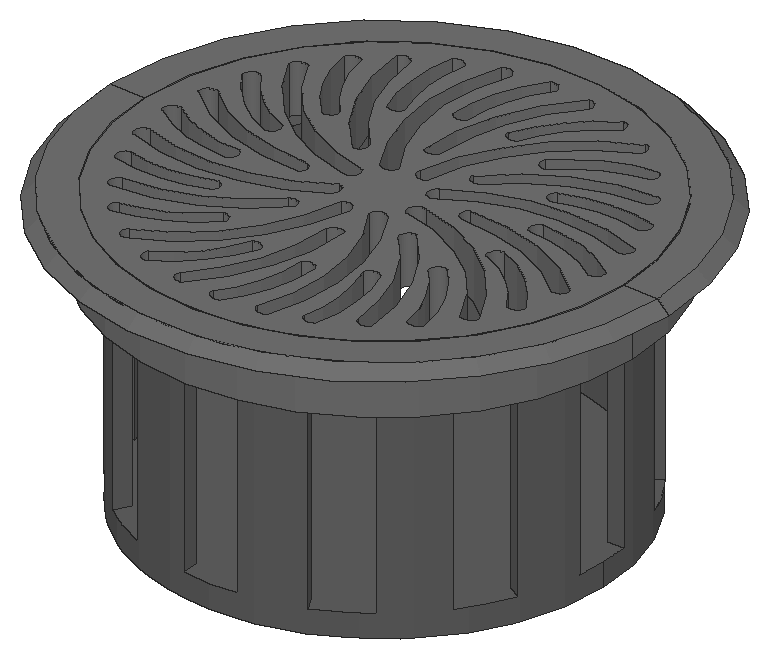
Revit family
Parameters
  URL = "http://www.productspec.net/products/29664/holyoake-industries/floor-swirl-diffuser-fsd.aspx"
  Type Comments = "Floor Swirl Diffuser"  # constant formula
  Removable Core Diameter = 212.0 mm
  Overall Width = Hole Opening + 2.0 mm * 16  # 252.0 mm
  Overall Depth = 123.0 mm  # constant formula
  Model = "FSD"  # constant formula
  Min Flow = 14.0 L/s
  Max Flow = 57.0 L/s
  Manufacturer = "Holyoake Industries Ltd"  # constant formula
  Hole Opening = 220.0 mm  # constant formula
  Engineering Data = "http://www.productspec.net/nas/TechnicalFiles/2367/p29664/D67-D68%20FSD.pdf"
  Dust Basket = Plastic - Holyoake
  Diffuser = Polycarbonate - Holyoake
  Description = "Designed for use in raised floor air distribution systems, where the floor cavity is used as a pressurised supply air plenum."  # constant formula
  Created By = "Productspec Ltd"  # constant formula
  Author = "Zinder Zhao"  # constant formula
Reference planes
  plane 1 "Center (Front/Back)": y = 0
  plane 2: z = 0
  plane 3 "Center (Left/Right)": x = 0
  plane 4: x = 110
  plane 5: x = -110
  plane 6: x = -126
  plane 7: x = 126
  plane 8: z = 5
  plane 9: z = -118
  plane 10: x = -106
  plane 11: x = 106
Forms (mm)
  Revolve 1, solid, material "Polycarbonate - Holyoake" <- "Diffuser"
    sketch origin (0, 0, 0) x (1, 0, 0) y (0, 0, 1)
      loop
        line (-106, 5) -> (-121, 5) -> (-126, 0) -> (-110, 0) -> (-110, -23) -> (-97, -23) -> (-97, -20) -> (-101, -20) -> (-101, -16) -> (-106, -16) -> (-106, 5)
      axis (0, 5) -> (0, -23)
    angle from 0 to 360
  Extrusion 2, solid, material "Polycarbonate - Holyoake" <- "Diffuser", detail levels coarse
    sketch origin (0, 0, -17) x (1, 0, 0) y (0, 1, 0)
      loop
        circle (0, 0) r 106
    from 1 to 22
  Extrusion 3, solid, material "Polycarbonate - Holyoake" <- "Diffuser", detail levels medium+fine
    sketch origin (0, 0, -17) x (1, 0, 0) y (0, 1, 0)
      loop
        circle (0, 0) r 106
      loop
        arc (49.745, 82.106) -> (17.374, 56.48) -> (0.589, 18.759) r 86.4
        arc (0.589, 18.759) -> (2.534, 14.622) -> (7.08, 15.08) r 3.953
        arc (7.08, 15.08) -> (22.152, 51.205) -> (52.653, 75.739) r 79.4
        arc (52.653, 75.739) -> (53.123, 79.801) -> (49.745, 82.106) r 3.953
      loop
        arc (93.233, 22.883) -> (52.223, 27.653) -> (13.681, 12.849) r 86.4
        arc (13.681, 12.849) -> (12.131, 8.548) -> (15.67, 5.657) r 3.953
        arc (15.67, 5.657) -> (51.871, 20.543) -> (90.786, 16.324) r 79.4
        arc (90.786, 16.324) -> (93.992, 18.864) -> (93.233, 22.883) r 3.953
      loop
        arc (-82.106, 49.745) -> (-56.48, 17.374) -> (-18.759, 0.589) r 86.4
        arc (-18.759, 0.589) -> (-14.622, 2.534) -> (-15.08, 7.08) r 3.953
        arc (-15.08, 7.08) -> (-51.205, 22.152) -> (-75.739, 52.653) r 79.4
        arc (-75.739, 52.653) -> (-79.801, 53.123) -> (-82.106, 49.745) r 3.953
      loop
        arc (-22.883, 93.233) -> (-27.653, 52.223) -> (-12.849, 13.681) r 86.4
        arc (-12.849, 13.681) -> (-8.548, 12.131) -> (-5.657, 15.67) r 3.953
        arc (-5.657, 15.67) -> (-20.543, 51.871) -> (-16.324, 90.786) r 79.4
        arc (-16.324, 90.786) -> (-18.864, 93.992) -> (-22.883, 93.233) r 3.953
      loop
        arc (-49.745, -82.106) -> (-17.374, -56.48) -> (-0.589, -18.759) r 86.4
        arc (-0.589, -18.759) -> (-2.534, -14.622) -> (-7.08, -15.08) r 3.953
        arc (-7.08, -15.08) -> (-22.152, -51.205) -> (-52.653, -75.739) r 79.4
        arc (-52.653, -75.739) -> (-53.123, -79.801) -> (-49.745, -82.106) r 3.953
      loop
        arc (-93.233, -22.883) -> (-52.223, -27.653) -> (-13.681, -12.849) r 86.4
        arc (-13.681, -12.849) -> (-12.131, -8.548) -> (-15.67, -5.657) r 3.953
        arc (-15.67, -5.657) -> (-51.871, -20.543) -> (-90.786, -16.324) r 79.4
        arc (-90.786, -16.324) -> (-93.992, -18.864) -> (-93.233, -22.883) r 3.953
      loop
        arc (82.106, -49.745) -> (56.48, -17.374) -> (18.759, -0.589) r 86.4
        arc (18.759, -0.589) -> (14.622, -2.534) -> (15.08, -7.08) r 3.953
        arc (15.08, -7.08) -> (51.205, -22.152) -> (75.739, -52.653) r 79.4
        arc (75.739, -52.653) -> (79.801, -53.123) -> (82.106, -49.745) r 3.953
      loop
        arc (22.883, -93.233) -> (27.653, -52.223) -> (12.849, -13.681) r 86.4
        arc (12.849, -13.681) -> (8.548, -12.131) -> (5.657, -15.67) r 3.953
        arc (5.657, -15.67) -> (20.543, -51.871) -> (16.324, -90.786) r 79.4
        arc (16.324, -90.786) -> (18.864, -93.992) -> (22.883, -93.233) r 3.953
      loop
        arc (14.808, 94.429) -> (-2.831, 65.322) -> (-7.797, 31.652) r 86
        arc (-7.797, 31.652) -> (-3.723, 30.449) -> (-0.911, 33.633) r 3.953
        arc (-0.911, 33.633) -> (3.82, 63.288) -> (19.277, 89.034) r 79
        arc (19.277, 89.034) -> (18.676, 93.085) -> (14.808, 94.429) r 3.953
      loop
        arc (-56.301, 77.242) -> (-48.192, 44.188) -> (-27.895, 16.867) r 86
        arc (-27.895, 16.867) -> (-24.163, 18.898) -> (-24.427, 23.138) r 3.953
        arc (-24.427, 23.138) -> (-42.05, 47.452) -> (-49.326, 76.587) r 79
        arc (-49.326, 76.587) -> (-52.615, 79.026) -> (-56.301, 77.242) r 3.953
      loop
        arc (-94.429, 14.808) -> (-65.322, -2.831) -> (-31.652, -7.797) r 86
        arc (-31.652, -7.797) -> (-30.449, -3.723) -> (-33.633, -0.911) r 3.953
        arc (-33.633, -0.911) -> (-63.288, 3.82) -> (-89.034, 19.277) r 79
        arc (-89.034, 19.277) -> (-93.085, 18.676) -> (-94.429, 14.808) r 3.953
      loop
        arc (-77.242, -56.301) -> (-44.188, -48.192) -> (-16.867, -27.895) r 86
        arc (-16.867, -27.895) -> (-18.898, -24.163) -> (-23.138, -24.427) r 3.953
        arc (-23.138, -24.427) -> (-47.452, -42.05) -> (-76.587, -49.326) r 79
        arc (-76.587, -49.326) -> (-79.026, -52.615) -> (-77.242, -56.301) r 3.953
      loop
        arc (-14.808, -94.429) -> (2.831, -65.322) -> (7.797, -31.652) r 86
        arc (7.797, -31.652) -> (3.723, -30.449) -> (0.911, -33.633) r 3.953
        arc (0.911, -33.633) -> (-3.82, -63.288) -> (-19.277, -89.034) r 79
        arc (-19.277, -89.034) -> (-18.676, -93.085) -> (-14.808, -94.429) r 3.953
      loop
        arc (56.301, -77.242) -> (48.192, -44.188) -> (27.895, -16.867) r 86
        arc (27.895, -16.867) -> (24.163, -18.898) -> (24.427, -23.138) r 3.953
        arc (24.427, -23.138) -> (42.05, -47.452) -> (49.326, -76.587) r 79
        arc (49.326, -76.587) -> (52.615, -79.026) -> (56.301, -77.242) r 3.953
      loop
        arc (94.429, -14.808) -> (65.322, 2.831) -> (31.652, 7.797) r 86
        arc (31.652, 7.797) -> (30.449, 3.723) -> (33.633, 0.911) r 3.953
        arc (33.633, 0.911) -> (63.288, -3.82) -> (89.034, -19.277) r 79
        arc (89.034, -19.277) -> (93.085, -18.676) -> (94.429, -14.808) r 3.953
      loop
        arc (77.242, 56.301) -> (44.188, 48.192) -> (16.867, 27.895) r 86
        arc (16.867, 27.895) -> (18.898, 24.163) -> (23.138, 24.427) r 3.953
        arc (23.138, 24.427) -> (47.452, 42.05) -> (76.587, 49.326) r 79
        arc (76.587, 49.326) -> (79.026, 52.615) -> (77.242, 56.301) r 3.953
      loop
        arc (-3.47, 95.937) -> (-12.649, 77.687) -> (-15.65, 57.479) r 64.4
        arc (-15.65, 57.479) -> (-12.246, 55.191) -> (-8.644, 57.154) r 3.953
        arc (-8.644, 57.154) -> (-5.995, 75.511) -> (2.369, 92.065) r 57.4
        arc (2.369, 92.065) -> (0.622, 95.769) -> (-3.47, 95.937) r 3.953
      loop
        arc (-39.919, 87.307) -> (-41.415, 66.932) -> (-36.455, 47.115) r 64.4
        arc (-36.455, 47.115) -> (-32.434, 46.303) -> (-29.858, 49.495) r 3.953
        arc (-29.858, 49.495) -> (-34.436, 67.469) -> (-33.043, 85.963) r 57.4
        arc (-33.043, 85.963) -> (-36.074, 88.717) -> (-39.919, 87.307) r 3.953
      loop
        arc (-70.291, 65.384) -> (-63.877, 45.989) -> (-51.71, 29.578) r 64.4
        arc (-51.71, 29.578) -> (-47.685, 30.367) -> (-46.526, 34.302) r 3.953
        arc (-46.526, 34.302) -> (-57.633, 49.155) -> (-63.425, 66.775) r 57.4
        arc (-63.425, 66.775) -> (-67.279, 68.159) -> (-70.291, 65.384) r 3.953
      loop
        arc (-89.962, 33.508) -> (-76.614, 18.043) -> (-59.093, 7.538) r 64.4
        arc (-59.093, 7.538) -> (-55.676, 9.807) -> (-56.111, 13.886) r 3.953
        arc (-56.111, 13.886) -> (-72.057, 23.358) -> (-84.15, 37.42) r 57.4
        arc (-84.15, 37.42) -> (-88.241, 37.224) -> (-89.962, 33.508) r 3.953
      loop
        arc (-95.937, -3.47) -> (-77.687, -12.649) -> (-57.479, -15.65) r 64.4
        arc (-57.479, -15.65) -> (-55.191, -12.246) -> (-57.154, -8.644) r 3.953
        arc (-57.154, -8.644) -> (-75.511, -5.995) -> (-92.065, 2.369) r 57.4
        arc (-92.065, 2.369) -> (-95.769, 0.622) -> (-95.937, -3.47) r 3.953
      loop
        arc (-87.307, -39.919) -> (-66.932, -41.415) -> (-47.115, -36.455) r 64.4
        arc (-47.115, -36.455) -> (-46.303, -32.434) -> (-49.495, -29.858) r 3.953
        arc (-49.495, -29.858) -> (-67.469, -34.436) -> (-85.963, -33.043) r 57.4
        arc (-85.963, -33.043) -> (-88.717, -36.074) -> (-87.307, -39.919) r 3.953
      loop
        arc (-65.384, -70.291) -> (-45.989, -63.877) -> (-29.578, -51.71) r 64.4
        arc (-29.578, -51.71) -> (-30.367, -47.685) -> (-34.302, -46.526) r 3.953
        arc (-34.302, -46.526) -> (-49.155, -57.633) -> (-66.775, -63.425) r 57.4
        arc (-66.775, -63.425) -> (-68.159, -67.279) -> (-65.384, -70.291) r 3.953
      loop
        arc (-33.508, -89.962) -> (-18.043, -76.614) -> (-7.538, -59.093) r 64.4
        arc (-7.538, -59.093) -> (-9.807, -55.676) -> (-13.886, -56.111) r 3.953
        arc (-13.886, -56.111) -> (-23.358, -72.057) -> (-37.42, -84.15) r 57.4
        arc (-37.42, -84.15) -> (-37.224, -88.241) -> (-33.508, -89.962) r 3.953
      loop
        arc (3.47, -95.937) -> (12.649, -77.687) -> (15.65, -57.479) r 64.4
        arc (15.65, -57.479) -> (12.246, -55.191) -> (8.644, -57.154) r 3.953
        arc (8.644, -57.154) -> (5.995, -75.511) -> (-2.369, -92.065) r 57.4
        arc (-2.369, -92.065) -> (-0.622, -95.769) -> (3.47, -95.937) r 3.953
      loop
        arc (39.919, -87.307) -> (41.415, -66.932) -> (36.455, -47.115) r 64.4
        arc (36.455, -47.115) -> (32.434, -46.303) -> (29.858, -49.495) r 3.953
        arc (29.858, -49.495) -> (34.436, -67.469) -> (33.043, -85.963) r 57.4
        arc (33.043, -85.963) -> (36.074, -88.717) -> (39.919, -87.307) r 3.953
      loop
        arc (70.291, -65.384) -> (63.877, -45.989) -> (51.71, -29.578) r 64.4
        arc (51.71, -29.578) -> (47.685, -30.367) -> (46.526, -34.302) r 3.953
        arc (46.526, -34.302) -> (57.633, -49.155) -> (63.425, -66.775) r 57.4
        arc (63.425, -66.775) -> (67.279, -68.159) -> (70.291, -65.384) r 3.953
      loop
        arc (89.962, -33.508) -> (76.614, -18.043) -> (59.093, -7.538) r 64.4
        arc (59.093, -7.538) -> (55.676, -9.807) -> (56.111, -13.886) r 3.953
        arc (56.111, -13.886) -> (72.057, -23.358) -> (84.15, -37.42) r 57.4
        arc (84.15, -37.42) -> (88.241, -37.224) -> (89.962, -33.508) r 3.953
      loop
        arc (95.937, 3.47) -> (77.687, 12.649) -> (57.479, 15.65) r 64.4
        arc (57.479, 15.65) -> (55.191, 12.246) -> (57.154, 8.644) r 3.953
        arc (57.154, 8.644) -> (75.511, 5.995) -> (92.065, -2.369) r 57.4
        arc (92.065, -2.369) -> (95.769, -0.622) -> (95.937, 3.47) r 3.953
      loop
        arc (87.307, 39.919) -> (66.932, 41.415) -> (47.115, 36.455) r 64.4
        arc (47.115, 36.455) -> (46.303, 32.434) -> (49.495, 29.858) r 3.953
        arc (49.495, 29.858) -> (67.469, 34.436) -> (85.963, 33.043) r 57.4
        arc (85.963, 33.043) -> (88.717, 36.074) -> (87.307, 39.919) r 3.953
      loop
        arc (65.384, 70.291) -> (45.989, 63.877) -> (29.578, 51.71) r 64.4
        arc (29.578, 51.71) -> (30.367, 47.685) -> (34.302, 46.526) r 3.953
        arc (34.302, 46.526) -> (49.155, 57.633) -> (66.775, 63.425) r 57.4
        arc (66.775, 63.425) -> (68.159, 67.279) -> (65.384, 70.291) r 3.953
      loop
        arc (33.508, 89.962) -> (18.043, 76.614) -> (7.538, 59.093) r 64.4
        arc (7.538, 59.093) -> (9.807, 55.676) -> (13.886, 56.111) r 3.953
        arc (13.886, 56.111) -> (23.358, 72.057) -> (37.42, 84.15) r 57.4
        arc (37.42, 84.15) -> (37.224, 88.241) -> (33.508, 89.962) r 3.953
    from 1 to 22
  Extrusion 4, solid, material "Plastic - Holyoake" <- "Dust Basket"
    sketch origin (0, 0, -118) x (1, 0, 0) y (0, 1, 0)
      loop
        circle (0, 0) r 97
    from 0 to 102
  Extrusion 5, void
    sketch origin (0, 0, -101) x (1, 0, 0) y (0, 1, 0)
      loop
        circle (0, 0) r 90
    from -7.002 to 85
  Extrusion 6, void
    sketch origin (0, 0, -101) x (1, 0, 0) y (0, 1, 0)
      loop
        line (-12, 102.18) -> (-12, 87.18) -> (12, 87.18) -> (12, 102.18) -> (-12, 102.18)
      loop
        line (-61.482, 82.49) -> (-53.982, 69.5) -> (-33.198, 81.5) -> (-40.698, 94.49) -> (-61.482, 82.49)
      loop
        line (-94.49, 40.698) -> (-81.5, 33.198) -> (-69.5, 53.982) -> (-82.49, 61.482) -> (-94.49, 40.698)
      loop
        line (-102.18, -12) -> (-87.18, -12) -> (-87.18, 12) -> (-102.18, 12) -> (-102.18, -12)
      loop
        line (61.482, 82.49) -> (40.698, 94.49) -> (33.198, 81.5) -> (53.982, 69.5) -> (61.482, 82.49)
      loop
        line (94.49, 40.698) -> (82.49, 61.482) -> (69.5, 53.982) -> (81.5, 33.198) -> (94.49, 40.698)
      loop
        line (102.18, -12) -> (102.18, 12) -> (87.18, 12) -> (87.18, -12) -> (102.18, -12)
      loop
        line (-12, -102.18) -> (12, -102.18) -> (12, -87.18) -> (-12, -87.18) -> (-12, -102.18)
      loop
        line (-61.482, -82.49) -> (-40.698, -94.49) -> (-33.198, -81.5) -> (-53.982, -69.5) -> (-61.482, -82.49)
      loop
        line (-94.49, -40.698) -> (-82.49, -61.482) -> (-69.5, -53.982) -> (-81.5, -33.198) -> (-94.49, -40.698)
      loop
        line (61.482, -82.49) -> (53.982, -69.5) -> (33.198, -81.5) -> (40.698, -94.49) -> (61.482, -82.49)
      loop
        line (94.49, -40.698) -> (81.5, -33.198) -> (69.5, -53.982) -> (82.49, -61.482) -> (94.49, -40.698)
    from -7.002 to 78
Cuts and joins
  Extrusion 5, Extrusion 6 cuts Extrusion 4
Lines and regions (mm)
  Masking region 1
    outline origin (0, 0, 0) x (1, 0, 0) y (0, 1, 0)
      loop
        circle (0, 0) r 126
  sketch lines
    curve 1: line (-2000, 2000, 0) -> (2000, 2000, 0)
    curve 2: line (-2000, 2000, 0) -> (-2000, -2000, 0)
    curve 3: line (-2000, -2000, 0) -> (2000, -2000, 0)
    curve 4: line (2000, 2000, 0) -> (2000, -2000, 0)
  symbolic lines
    curve 5: arc (-126, 0, 0) -> (0, -126, 0) -> (126, 0, 0) r 126
    curve 6: arc (126, 0, 0) -> (0, 126, 0) -> (-126, 0, 0) r 126
  symbolic lines, detail levels medium+fine
    curve 7: arc (-121, 0, 0) -> (0, 121, 0) -> (121, 0, 0) r 121
    curve 8: arc (121, 0, 0) -> (0, -121, 0) -> (-121, 0, 0) r 121
    curve 9: arc (-106, 0, 0) -> (0, -106, 0) -> (106, 0, 0) r 106
    curve 10: arc (106, 0, 0) -> (0, 106, 0) -> (-106, 0, 0) r 106
  symbolic lines, detail levels fine
    curve 11: arc (-92.065, 2.369, 0) -> (-75.511, -5.995, 0) -> (-57.154, -8.644, 0) r 57.4
    curve 12: arc (-57.479, -15.65, 0) -> (-77.687, -12.649, 0) -> (-95.937, -3.47, 0) r 64.4
    curve 13: arc (-90.786, -16.324, 0) -> (-51.871, -20.543, 0) -> (-15.67, -5.657, 0) r 79.4
    curve 14: arc (-13.681, -12.849, 0) -> (-52.223, -27.653, 0) -> (-93.233, -22.883, 0) r 86.4
    curve 15: arc (-85.963, -33.043, 0) -> (-67.469, -34.436, 0) -> (-49.495, -29.858, 0) r 57.4
    curve 16: arc (-47.115, -36.455, 0) -> (-66.932, -41.415, 0) -> (-87.307, -39.919, 0) r 64.4
    curve 17: arc (-76.587, -49.326, 0) -> (-47.452, -42.05, 0) -> (-23.138, -24.427, 0) r 79
    curve 18: arc (-16.867, -27.895, 0) -> (-44.188, -48.192, 0) -> (-77.242, -56.301, 0) r 86
    curve 19: arc (-66.775, -63.425, 0) -> (-49.155, -57.633, 0) -> (-34.302, -46.526, 0) r 57.4
    curve 20: arc (-29.578, -51.71, 0) -> (-45.989, -63.877, 0) -> (-65.384, -70.291, 0) r 64.4
    curve 21: arc (-52.653, -75.739, 0) -> (-22.152, -51.205, 0) -> (-7.08, -15.08, 0) r 79.4
    curve 22: arc (-0.589, -18.759, 0) -> (-17.374, -56.48, 0) -> (-49.745, -82.106, 0) r 86.4
    curve 23: arc (-37.42, -84.15, 0) -> (-23.358, -72.057, 0) -> (-13.886, -56.111, 0) r 57.4
    curve 24: arc (-7.538, -59.093, 0) -> (-18.043, -76.614, 0) -> (-33.508, -89.962, 0) r 64.4
    curve 25: arc (-19.277, -89.034, 0) -> (-3.82, -63.288, 0) -> (0.911, -33.633, 0) r 79
    curve 26: arc (7.797, -31.652, 0) -> (2.831, -65.322, 0) -> (-14.808, -94.429, 0) r 86
    curve 27: arc (-2.369, -92.065, 0) -> (5.995, -75.511, 0) -> (8.644, -57.154, 0) r 57.4
    curve 28: arc (15.65, -57.479, 0) -> (12.649, -77.687, 0) -> (3.47, -95.937, 0) r 64.4
    curve 29: arc (16.324, -90.786, 0) -> (20.543, -51.871, 0) -> (5.657, -15.67, 0) r 79.4
    curve 30: arc (12.849, -13.681, 0) -> (27.653, -52.223, 0) -> (22.883, -93.233, 0) r 86.4
    curve 31: arc (33.043, -85.963, 0) -> (34.436, -67.469, 0) -> (29.858, -49.495, 0) r 57.4
    curve 32: arc (36.455, -47.115, 0) -> (41.415, -66.932, 0) -> (39.919, -87.307, 0) r 64.4
    curve 33: arc (49.326, -76.587, 0) -> (42.05, -47.452, 0) -> (24.427, -23.138, 0) r 79
    curve 34: arc (27.895, -16.867, 0) -> (48.192, -44.188, 0) -> (56.301, -77.242, 0) r 86
    curve 35: arc (63.425, -66.775, 0) -> (57.633, -49.155, 0) -> (46.526, -34.302, 0) r 57.4
    curve 36: arc (51.71, -29.578, 0) -> (63.877, -45.989, 0) -> (70.291, -65.384, 0) r 64.4
    curve 37: arc (75.739, -52.653, 0) -> (51.205, -22.152, 0) -> (15.08, -7.08, 0) r 79.4
    curve 38: arc (18.759, -0.589, 0) -> (56.48, -17.374, 0) -> (82.106, -49.745, 0) r 86.4
    curve 39: arc (84.15, -37.42, 0) -> (72.057, -23.358, 0) -> (56.111, -13.886, 0) r 57.4
    curve 40: arc (59.093, -7.538, 0) -> (76.614, -18.043, 0) -> (89.962, -33.508, 0) r 64.4
    curve 41: arc (89.034, -19.277, 0) -> (63.288, -3.82, 0) -> (33.633, 0.911, 0) r 79
    curve 42: arc (31.652, 7.797, 0) -> (65.322, 2.831, 0) -> (94.429, -14.808, 0) r 86
    curve 43: arc (92.065, -2.369, 0) -> (75.511, 5.995, 0) -> (57.154, 8.644, 0) r 57.4
    curve 44: arc (57.479, 15.65, 0) -> (77.687, 12.649, 0) -> (95.937, 3.47, 0) r 64.4
    curve 45: arc (90.786, 16.324, 0) -> (51.871, 20.543, 0) -> (15.67, 5.657, 0) r 79.4
    curve 46: arc (13.681, 12.849, 0) -> (52.223, 27.653, 0) -> (93.233, 22.883, 0) r 86.4
    curve 47: arc (85.963, 33.043, 0) -> (67.469, 34.436, 0) -> (49.495, 29.858, 0) r 57.4
    curve 48: arc (47.115, 36.455, 0) -> (66.932, 41.415, 0) -> (87.307, 39.919, 0) r 64.4
    curve 49: arc (76.587, 49.326, 0) -> (47.452, 42.05, 0) -> (23.138, 24.427, 0) r 79
    curve 50: arc (16.867, 27.895, 0) -> (44.188, 48.192, 0) -> (77.242, 56.301, 0) r 86
    curve 51: arc (66.775, 63.425, 0) -> (49.155, 57.633, 0) -> (34.302, 46.526, 0) r 57.4
    curve 52: arc (29.578, 51.71, 0) -> (45.989, 63.877, 0) -> (65.384, 70.291, 0) r 64.4
    curve 53: arc (52.653, 75.739, 0) -> (22.152, 51.205, 0) -> (7.08, 15.08, 0) r 79.4
    curve 54: arc (0.589, 18.759, 0) -> (17.374, 56.48, 0) -> (49.745, 82.106, 0) r 86.4
    curve 55: arc (37.42, 84.15, 0) -> (23.358, 72.057, 0) -> (13.886, 56.111, 0) r 57.4
    curve 56: arc (7.538, 59.093, 0) -> (18.043, 76.614, 0) -> (33.508, 89.962, 0) r 64.4
    curve 57: arc (19.277, 89.034, 0) -> (3.82, 63.288, 0) -> (-0.911, 33.633, 0) r 79
    curve 58: arc (-7.797, 31.652, 0) -> (-2.831, 65.322, 0) -> (14.808, 94.429, 0) r 86
    curve 59: arc (2.369, 92.065, 0) -> (-5.995, 75.511, 0) -> (-8.644, 57.154, 0) r 57.4
    curve 60: arc (-15.65, 57.479, 0) -> (-12.649, 77.687, 0) -> (-3.47, 95.937, 0) r 64.4
    curve 61: arc (-16.324, 90.786, 0) -> (-20.543, 51.871, 0) -> (-5.657, 15.67, 0) r 79.4
    curve 62: arc (-12.849, 13.681, 0) -> (-27.653, 52.223, 0) -> (-22.883, 93.233, 0) r 86.4
    curve 63: arc (-33.043, 85.963, 0) -> (-34.436, 67.469, 0) -> (-29.858, 49.495, 0) r 57.4
    curve 64: arc (-36.455, 47.115, 0) -> (-41.415, 66.932, 0) -> (-39.919, 87.307, 0) r 64.4
    curve 65: arc (-49.326, 76.587, 0) -> (-42.05, 47.452, 0) -> (-24.427, 23.138, 0) r 79
    curve 66: arc (-27.895, 16.867, 0) -> (-48.192, 44.188, 0) -> (-56.301, 77.242, 0) r 86
    curve 67: arc (-63.425, 66.775, 0) -> (-57.633, 49.155, 0) -> (-46.526, 34.302, 0) r 57.4
    curve 68: arc (-51.71, 29.578, 0) -> (-63.877, 45.989, 0) -> (-70.291, 65.384, 0) r 64.4
    curve 69: arc (-75.739, 52.653, 0) -> (-51.205, 22.152, 0) -> (-15.08, 7.08, 0) r 79.4
    curve 70: arc (-18.759, 0.589, 0) -> (-56.48, 17.374, 0) -> (-82.106, 49.745, 0) r 86.4
    curve 71: arc (-84.15, 37.42, 0) -> (-72.057, 23.358, 0) -> (-56.111, 13.886, 0) r 57.4
    curve 72: arc (-59.093, 7.538, 0) -> (-76.614, 18.043, 0) -> (-89.962, 33.508, 0) r 64.4
    curve 73: arc (-89.034, 19.277, 0) -> (-63.288, 3.82, 0) -> (-33.633, -0.911, 0) r 79
    curve 74: arc (-31.652, -7.797, 0) -> (-65.322, -2.831, 0) -> (-94.429, 14.808, 0) r 86
    curve 75: arc (-56.111, 13.886, 0) -> (-55.676, 9.807, 0) -> (-59.093, 7.538, 0) r 3.953
    curve 76: arc (-33.633, -0.911, 0) -> (-30.449, -3.723, 0) -> (-31.652, -7.797, 0) r 3.953
    curve 77: arc (-57.154, -8.644, 0) -> (-55.191, -12.246, 0) -> (-57.479, -15.65, 0) r 3.953
    curve 78: arc (-15.67, -5.657, 0) -> (-12.131, -8.548, 0) -> (-13.683, -12.846, 0) r 3.953
    curve 79: arc (-49.495, -29.858, 0) -> (-46.303, -32.434, 0) -> (-47.115, -36.455, 0) r 3.953
    curve 80: arc (-23.138, -24.427, 0) -> (-18.898, -24.163, 0) -> (-16.867, -27.895, 0) r 3.953
    curve 81: arc (-34.302, -46.526, 0) -> (-30.367, -47.685, 0) -> (-29.578, -51.71, 0) r 3.953
    curve 82: arc (-13.886, -56.111, 0) -> (-9.807, -55.676, 0) -> (-7.538, -59.093, 0) r 3.953
    curve 83: arc (8.644, -57.154, 0) -> (12.246, -55.191, 0) -> (15.65, -57.479, 0) r 3.953
    curve 84: arc (29.858, -49.495, 0) -> (32.434, -46.303, 0) -> (36.455, -47.115, 0) r 3.953
    curve 85: arc (0.911, -33.633, 0) -> (3.723, -30.449, 0) -> (7.797, -31.652, 0) r 3.953
    curve 86: arc (-7.08, -15.08, 0) -> (-2.534, -14.622, 0) -> (-0.592, -18.759, 0) r 3.953
    curve 87: arc (-15.08, 7.08, 0) -> (-14.622, 2.534, 0) -> (-18.759, 0.592, 0) r 3.953
    curve 88: arc (5.657, -15.67, 0) -> (8.548, -12.131, 0) -> (12.846, -13.683, 0) r 3.953
    curve 89: arc (15.08, -7.08, 0) -> (14.622, -2.534, 0) -> (18.759, -0.592, 0) r 3.953
    curve 90: arc (24.427, -23.138, 0) -> (24.163, -18.898, 0) -> (27.895, -16.867, 0) r 3.953
    curve 91: arc (46.526, -34.302, 0) -> (47.685, -30.367, 0) -> (51.71, -29.578, 0) r 3.953
    curve 92: arc (56.111, -13.886, 0) -> (55.676, -9.807, 0) -> (59.093, -7.538, 0) r 3.953
    curve 93: arc (33.633, 0.911, 0) -> (30.449, 3.723, 0) -> (31.652, 7.797, 0) r 3.953
    curve 94: arc (15.67, 5.657, 0) -> (12.131, 8.548, 0) -> (13.683, 12.846, 0) r 3.953
    curve 95: arc (57.154, 8.644, 0) -> (55.191, 12.246, 0) -> (57.479, 15.65, 0) r 3.953
    curve 96: arc (49.495, 29.858, 0) -> (46.303, 32.434, 0) -> (47.115, 36.455, 0) r 3.953
    curve 97: arc (23.138, 24.427, 0) -> (18.898, 24.163, 0) -> (16.867, 27.895, 0) r 3.953
    curve 98: arc (7.08, 15.08, 0) -> (2.534, 14.622, 0) -> (0.592, 18.759, 0) r 3.953
    curve 99: arc (34.302, 46.526, 0) -> (30.367, 47.685, 0) -> (29.578, 51.71, 0) r 3.953
    curve 100: arc (13.886, 56.111, 0) -> (9.807, 55.676, 0) -> (7.538, 59.093, 0) r 3.953
    curve 101: arc (-0.911, 33.633, 0) -> (-3.723, 30.449, 0) -> (-7.797, 31.652, 0) r 3.953
    curve 102: arc (-8.644, 57.154, 0) -> (-12.246, 55.191, 0) -> (-15.65, 57.479, 0) r 3.953
    curve 103: arc (-5.657, 15.67, 0) -> (-8.548, 12.131, 0) -> (-12.846, 13.683, 0) r 3.953
    curve 104: arc (-24.427, 23.138, 0) -> (-24.163, 18.898, 0) -> (-27.895, 16.867, 0) r 3.953
    curve 105: arc (-29.858, 49.495, 0) -> (-32.434, 46.303, 0) -> (-36.455, 47.115, 0) r 3.953
    curve 106: arc (-46.526, 34.302, 0) -> (-47.685, 30.367, 0) -> (-51.71, 29.578, 0) r 3.953
    curve 107: arc (-87.307, -39.919, 0) -> (-88.717, -36.074, 0) -> (-85.963, -33.043, 0) r 3.953
    curve 108: arc (-77.242, -56.301, 0) -> (-79.026, -52.615, 0) -> (-76.587, -49.326, 0) r 3.953
    curve 109: arc (-65.384, -70.291, 0) -> (-68.159, -67.279, 0) -> (-66.775, -63.425, 0) r 3.953
    curve 110: arc (-49.745, -82.106, 0) -> (-53.123, -79.801, 0) -> (-52.653, -75.739, 0) r 3.953
    curve 111: arc (-33.508, -89.962, 0) -> (-37.224, -88.241, 0) -> (-37.42, -84.15, 0) r 3.953
    curve 112: arc (-14.808, -94.429, 0) -> (-18.676, -93.085, 0) -> (-19.277, -89.034, 0) r 3.953
    curve 113: arc (3.47, -95.937, 0) -> (-0.622, -95.769, 0) -> (-2.369, -92.065, 0) r 3.953
    curve 114: arc (22.883, -93.233, 0) -> (18.864, -93.992, 0) -> (16.324, -90.786, 0) r 3.953
    curve 115: arc (39.919, -87.307, 0) -> (36.074, -88.717, 0) -> (33.043, -85.963, 0) r 3.953
    curve 116: arc (56.301, -77.242, 0) -> (52.615, -79.026, 0) -> (49.326, -76.587, 0) r 3.953
    curve 117: arc (70.291, -65.384, 0) -> (67.279, -68.159, 0) -> (63.425, -66.775, 0) r 3.953
    curve 118: arc (82.106, -49.745, 0) -> (79.801, -53.123, 0) -> (75.739, -52.653, 0) r 3.953
    curve 119: arc (89.962, -33.508, 0) -> (88.241, -37.224, 0) -> (84.15, -37.42, 0) r 3.953
    curve 120: arc (94.429, -14.808, 0) -> (93.085, -18.676, 0) -> (89.034, -19.277, 0) r 3.953
    curve 121: arc (95.937, 3.47, 0) -> (95.769, -0.622, 0) -> (92.065, -2.369, 0) r 3.953
    curve 122: arc (93.233, 22.883, 0) -> (93.992, 18.864, 0) -> (90.786, 16.324, 0) r 3.953
    curve 123: arc (87.307, 39.919, 0) -> (88.717, 36.074, 0) -> (85.963, 33.043, 0) r 3.953
    curve 124: arc (77.242, 56.301, 0) -> (79.026, 52.615, 0) -> (76.587, 49.326, 0) r 3.953
    curve 125: arc (65.384, 70.291, 0) -> (68.159, 67.279, 0) -> (66.775, 63.425, 0) r 3.953
    curve 126: arc (49.745, 82.106, 0) -> (53.123, 79.801, 0) -> (52.653, 75.739, 0) r 3.953
    curve 127: arc (33.508, 89.962, 0) -> (37.224, 88.241, 0) -> (37.42, 84.15, 0) r 3.953
    curve 128: arc (14.808, 94.429, 0) -> (18.676, 93.085, 0) -> (19.277, 89.034, 0) r 3.953
    curve 129: arc (-3.47, 95.937, 0) -> (0.622, 95.769, 0) -> (2.369, 92.065, 0) r 3.953
    curve 130: arc (-22.883, 93.233, 0) -> (-18.864, 93.992, 0) -> (-16.324, 90.786, 0) r 3.953
    curve 131: arc (-39.919, 87.307, 0) -> (-36.074, 88.717, 0) -> (-33.043, 85.963, 0) r 3.953
    curve 132: arc (-56.301, 77.242, 0) -> (-52.615, 79.026, 0) -> (-49.326, 76.587, 0) r 3.953
    curve 133: arc (-70.291, 65.384, 0) -> (-67.279, 68.159, 0) -> (-63.425, 66.775, 0) r 3.953
    curve 134: arc (-82.106, 49.745, 0) -> (-79.801, 53.123, 0) -> (-75.739, 52.653, 0) r 3.953
    curve 135: arc (-89.962, 33.508, 0) -> (-88.241, 37.224, 0) -> (-84.15, 37.42, 0) r 3.953
    curve 136: arc (-94.429, 14.808, 0) -> (-93.085, 18.676, 0) -> (-89.034, 19.277, 0) r 3.953
    curve 137: arc (-95.937, -3.47, 0) -> (-95.769, 0.622, 0) -> (-92.065, 2.369, 0) r 3.953
    curve 138: arc (-93.233, -22.883, 0) -> (-93.992, -18.864, 0) -> (-90.786, -16.324, 0) r 3.953
Dimensions and locks
  equal spacing: plane 4, plane 3 "Center (Left/Right)", plane 5
  "Hole Opening": plane 4 to plane 5
  "Overall Width": plane 7 to plane 6
  "Overall Depth": plane 8 to plane 9
  locked: plane 8 to plane 2 at 5
  locked: plane 5 to plane 6 at 16
  "Removable Core Diameter": plane 10 to plane 11
  equal spacing: plane 10, plane 3 "Center (Left/Right)", plane 11
  aligned and locked: Revolve 1 sketch curve to plane 3 "Center (Left/Right)"
  aligned and locked: Revolve 1 to Extrusion 2
  aligned and locked: Extrusion 4 sketch curve to Revolve 1
  aligned and locked: Extrusion 6 to Revolve 1
  aligned and locked: Masking region 1 sketch curve to Revolve 1
  aligned and locked: curve 5 to Revolve 1
  aligned and locked: curve 7 to Revolve 1
  aligned and locked: curve 9 to Extrusion 2
  aligned and locked: curve 11 to Extrusion 3
  aligned and locked: curve 12 to Extrusion 3
  aligned and locked: curve 13 to Extrusion 3
  aligned and locked: curve 14 to Extrusion 3
  aligned and locked: curve 15 to Extrusion 3
  aligned and locked: curve 16 to Extrusion 3
  aligned and locked: curve 17 to Extrusion 3
  aligned and locked: curve 18 to Extrusion 3
  aligned and locked: curve 19 to Extrusion 3
  aligned and locked: curve 20 to Extrusion 3
  aligned and locked: curve 21 to Extrusion 3
  aligned and locked: curve 22 to Extrusion 3
  aligned and locked: curve 23 to Extrusion 3
  aligned and locked: curve 24 to Extrusion 3
  aligned and locked: curve 25 to Extrusion 3
  aligned and locked: curve 26 to Extrusion 3
  aligned and locked: curve 27 to Extrusion 3
  aligned and locked: curve 28 to Extrusion 3
  aligned and locked: curve 29 to Extrusion 3
  aligned and locked: curve 30 to Extrusion 3
  aligned and locked: curve 31 to Extrusion 3
  aligned and locked: curve 32 to Extrusion 3
  aligned and locked: curve 33 to Extrusion 3
  aligned and locked: curve 34 to Extrusion 3
  aligned and locked: curve 35 to Extrusion 3
  aligned and locked: curve 36 to Extrusion 3
  aligned and locked: curve 37 to Extrusion 3
  aligned and locked: curve 38 to Extrusion 3
  aligned and locked: curve 39 to Extrusion 3
  aligned and locked: curve 40 to Extrusion 3
  aligned and locked: curve 41 to Extrusion 3
  aligned and locked: curve 42 to Extrusion 3
  aligned and locked: curve 43 to Extrusion 3
  aligned and locked: curve 44 to Extrusion 3
  aligned and locked: curve 45 to Extrusion 3
  aligned and locked: curve 46 to Extrusion 3
  aligned and locked: curve 47 to Extrusion 3
  aligned and locked: curve 48 to Extrusion 3
  aligned and locked: curve 49 to Extrusion 3
  aligned and locked: curve 50 to Extrusion 3
  aligned and locked: curve 51 to Extrusion 3
  aligned and locked: curve 52 to Extrusion 3
  aligned and locked: curve 53 to Extrusion 3
  aligned and locked: curve 54 to Extrusion 3
  aligned and locked: curve 55 to Extrusion 3
  aligned and locked: curve 56 to Extrusion 3
  aligned and locked: curve 57 to Extrusion 3
  aligned and locked: curve 58 to Extrusion 3
  aligned and locked: curve 59 to Extrusion 3
  aligned and locked: curve 60 to Extrusion 3
  aligned and locked: curve 61 to Extrusion 3
  aligned and locked: curve 62 to Extrusion 3
  aligned and locked: curve 63 to Extrusion 3
  aligned and locked: curve 64 to Extrusion 3
  aligned and locked: curve 65 to Extrusion 3
  aligned and locked: curve 66 to Extrusion 3
  aligned and locked: curve 67 to Extrusion 3
  aligned and locked: curve 68 to Extrusion 3
  aligned and locked: curve 69 to Extrusion 3
  aligned and locked: curve 70 to Extrusion 3
  aligned and locked: curve 71 to Extrusion 3
  aligned and locked: curve 72 to Extrusion 3
  aligned and locked: curve 73 to Extrusion 3
  aligned and locked: curve 74 to Extrusion 3
  aligned and locked: curve 75 to Extrusion 3
  aligned and locked: curve 76 to Extrusion 3
  aligned and locked: curve 77 to Extrusion 3
  aligned and locked: curve 78 to Extrusion 3
  aligned and locked: curve 79 to Extrusion 3
  aligned and locked: curve 80 to Extrusion 3
  aligned and locked: curve 81 to Extrusion 3
  aligned and locked: curve 82 to Extrusion 3
  aligned and locked: curve 83 to Extrusion 3
  aligned and locked: curve 84 to Extrusion 3
  aligned and locked: curve 85 to Extrusion 3
  aligned and locked: curve 86 to Extrusion 3
  aligned and locked: curve 87 to Extrusion 3
  aligned and locked: curve 88 to Extrusion 3
  aligned and locked: curve 89 to Extrusion 3
  aligned and locked: curve 90 to Extrusion 3
  aligned and locked: curve 91 to Extrusion 3
  aligned and locked: curve 92 to Extrusion 3
  aligned and locked: curve 93 to Extrusion 3
  aligned and locked: curve 94 to Extrusion 3
  aligned and locked: curve 95 to Extrusion 3
  aligned and locked: curve 96 to Extrusion 3
  aligned and locked: curve 97 to Extrusion 3
  aligned and locked: curve 98 to Extrusion 3
  aligned and locked: curve 99 to Extrusion 3
  aligned and locked: curve 100 to Extrusion 3
  aligned and locked: curve 101 to Extrusion 3
  aligned and locked: curve 102 to Extrusion 3
  aligned and locked: curve 103 to Extrusion 3
  aligned and locked: curve 104 to Extrusion 3
  aligned and locked: curve 105 to Extrusion 3
  aligned and locked: curve 106 to Extrusion 3
  aligned and locked: curve 107 to Extrusion 3
  aligned and locked: curve 108 to Extrusion 3
  aligned and locked: curve 109 to Extrusion 3
  aligned and locked: curve 110 to Extrusion 3
  aligned and locked: curve 111 to Extrusion 3
  aligned and locked: curve 112 to Extrusion 3
  aligned and locked: curve 113 to Extrusion 3
  aligned and locked: curve 114 to Extrusion 3
  aligned and locked: curve 115 to Extrusion 3
  aligned and locked: curve 116 to Extrusion 3
  aligned and locked: curve 117 to Extrusion 3
  aligned and locked: curve 118 to Extrusion 3
  aligned and locked: curve 119 to Extrusion 3
  aligned and locked: curve 120 to Extrusion 3
  aligned and locked: curve 121 to Extrusion 3
  aligned and locked: curve 122 to Extrusion 3
  aligned and locked: curve 123 to Extrusion 3
  aligned and locked: curve 124 to Extrusion 3
  aligned and locked: curve 125 to Extrusion 3
  aligned and locked: curve 126 to Extrusion 3
  aligned and locked: curve 127 to Extrusion 3
  aligned and locked: curve 128 to Extrusion 3
  aligned and locked: curve 129 to Extrusion 3
  aligned and locked: curve 130 to Extrusion 3
  aligned and locked: curve 131 to Extrusion 3
  aligned and locked: curve 132 to Extrusion 3
  aligned and locked: curve 133 to Extrusion 3
  aligned and locked: curve 134 to Extrusion 3
  aligned and locked: curve 135 to Extrusion 3
  aligned and locked: curve 136 to Extrusion 3
  aligned and locked: curve 137 to Extrusion 3
  aligned and locked: curve 138 to Extrusion 3
Automatic sketch dimensions
  curve 2 to curve 3 = 4000.0 mm
  curve 2 to curve 2 = 4000.0 mm
  Extrusion 5 sketch curve to plane 1 "Center (Front/Back)" = 0.0 mm
  Extrusion 5 sketch curve to plane 3 "Center (Left/Right)" = 0.0 mm
  plane 5 to Extrusion 5 sketch curve = 20.0 mm
  plane 5 to Extrusion 6 sketch curve = 7.82 mm
  plane 5 to Extrusion 6 sketch curve = 15.51 mm  (x2)
  Extrusion 6 sketch curve to Extrusion 6 sketch curve = 15.0 mm  (x3)
  Extrusion 6 sketch curve to Extrusion 6 sketch curve = 12.0 mm  (x8)
  Extrusion 6 sketch curve to Extrusion 6 sketch curve = 12.99 mm  (x4)
  Extrusion 6 sketch curve to Extrusion 6 sketch curve = 8.018 mm  (x4)
  Extrusion 6 sketch curve to Extrusion 6 sketch curve = 7.5 mm  (x8)
  Extrusion 6 sketch curve to Extrusion 6 sketch curve = 20.785 mm  (x4)
  Extrusion 6 sketch curve to plane 3 "Center (Left/Right)" = 12.0 mm  (x2)
  plane 3 "Center (Left/Right)" to Extrusion 6 sketch curve = 12.0 mm  (x2)
  Extrusion 6 sketch curve to Extrusion 6 sketch curve = 21.198 mm  (x4)
  Extrusion 6 sketch curve to Extrusion 6 sketch curve = 15.518 mm  (x4)
  Extrusion 6 sketch curve to Extrusion 6 sketch curve = 5.68 mm  (x2)
  Extrusion 6 sketch curve to plane 4 = 7.82 mm
  plane 1 "Center (Front/Back)" to Extrusion 6 sketch curve = 102.18 mm
  Extrusion 6 sketch curve to Extrusion 6 sketch curve = 7.69 mm  (x2)
  plane 1 "Center (Front/Back)" to Extrusion 6 sketch curve = 12.0 mm  (x2)
  Extrusion 6 sketch curve to plane 1 "Center (Front/Back)" = 12.0 mm  (x2)
  curve 13 to curve 14 = 1.988 mm
  curve 22 to plane 3 "Center (Left/Right)" = 0.589 mm
  plane 3 "Center (Left/Right)" to curve 29 = 5.657 mm
  curve 19 to curve 29 = 8.707 mm
  curve 28 to curve 29 = 5.151 mm
  curve 19 to curve 29 = 0.389 mm
  curve 30 to curve 37 = 2.232 mm
  plane 1 "Center (Front/Back)" to curve 38 = 0.589 mm
  curve 46 to curve 45 = 1.988 mm
  plane 3 "Center (Left/Right)" to curve 54 = 0.589 mm
  curve 69 to curve 62 = 2.232 mm
  curve 70 to plane 1 "Center (Front/Back)" = 0.589 mm
  curve 78 to curve 14 = 0.002 mm
  curve 86 to curve 22 = 0.004 mm
  curve 70 to curve 87 = 0.001 mm
  curve 88 to curve 30 = 0.003 mm
  curve 29 to curve 88 = 3.944 mm
  curve 88 to curve 29 = 0.272 mm
  curve 89 to curve 38 = 0.001 mm
  curve 46 to curve 94 = 0.002 mm
  curve 54 to curve 98 = 0.004 mm
  curve 62 to curve 103 = 0.003 mm
  Revolve 1 sketch curve to level = 0.0 mm
  Revolve 1 sketch curve to plane 6 = 0.0 mm
  Revolve 1 sketch curve to plane 8 = 0.0 mm
  Revolve 1 sketch curve to plane 5 = 0.0 mm
  Revolve 1 sketch curve to plane 10 = 0.0 mm
  plane 6 to Revolve 1 sketch curve = 5.0 mm
  Revolve 1 sketch curve to plane 10 = 5.0 mm
  Revolve 1 sketch curve to Revolve 1 sketch curve = 4.0 mm  (x2)
  Revolve 1 sketch curve to level = 16.0 mm
  Revolve 1 sketch curve to Revolve 1 sketch curve = 7.0 mm
  Revolve 1 sketch curve to level = 25.0 mm
  plane 8 to Revolve 1 sketch curve = 30.0 mm
  Extrusion 2 sketch curve to plane 1 "Center (Front/Back)" = 0.0 mm
  Extrusion 2 sketch curve to plane 3 "Center (Left/Right)" = 0.0 mm
  Extrusion 3 sketch curve to Extrusion 3 sketch curve = 0.0 mm  (x49)
  Extrusion 3 sketch curve to plane 1 "Center (Front/Back)" = 0.0 mm
  Extrusion 3 sketch curve to plane 3 "Center (Left/Right)" = 0.0 mm
  Extrusion 3 sketch curve to plane 3 "Center (Left/Right)" = 0.589 mm
  Extrusion 3 sketch curve to Extrusion 3 sketch curve = 0.004 mm  (x3)
  Extrusion 3 sketch curve to plane 3 "Center (Left/Right)" = 0.911 mm
  Extrusion 3 sketch curve to plane 3 "Center (Left/Right)" = 1.563 mm
  Extrusion 3 sketch curve to plane 3 "Center (Left/Right)" = 2.369 mm
  Extrusion 3 sketch curve to plane 3 "Center (Left/Right)" = 3.47 mm
  Extrusion 3 sketch curve to plane 3 "Center (Left/Right)" = 3.512 mm
  Extrusion 3 sketch curve to Extrusion 3 sketch curve = 3.891 mm  (x3)
  Extrusion 3 sketch curve to Extrusion 3 sketch curve = 3.905 mm  (x2)
  Extrusion 3 sketch curve to plane 3 "Center (Left/Right)" = 5.657 mm
  Extrusion 3 sketch curve to plane 3 "Center (Left/Right)" = 6.715 mm
  Extrusion 3 sketch curve to Extrusion 3 sketch curve = 2.596 mm  (x3)
  Extrusion 3 sketch curve to plane 3 "Center (Left/Right)" = 7.538 mm
  Extrusion 3 sketch curve to Extrusion 3 sketch curve = 2.981 mm  (x5)
  Extrusion 3 sketch curve to plane 3 "Center (Left/Right)" = 8.644 mm
  Extrusion 3 sketch curve to Extrusion 3 sketch curve = 3.944 mm  (x6)
  Extrusion 3 sketch curve to Extrusion 3 sketch curve = 3.95 mm  (x3)
  Extrusion 3 sketch curve to Extrusion 3 sketch curve = 3.418 mm  (x2)
  Extrusion 3 sketch curve to Extrusion 3 sketch curve = 3.245 mm  (x2)
  Extrusion 3 sketch curve to Extrusion 3 sketch curve = 0.003 mm  (x4)
  Extrusion 3 sketch curve to Extrusion 3 sketch curve = 6.601 mm  (x3)
  Extrusion 3 sketch curve to Extrusion 3 sketch curve = 0.002 mm  (x3)
  Extrusion 3 sketch curve to Extrusion 3 sketch curve = 2.398 mm  (x2)
  Extrusion 3 sketch curve to Extrusion 3 sketch curve = 12.439 mm  (x3)
  Extrusion 3 sketch curve to Extrusion 3 sketch curve = 2.232 mm  (x4)
  Extrusion 3 sketch curve to Extrusion 3 sketch curve = 0.823 mm  (x3)
  Extrusion 3 sketch curve to Extrusion 3 sketch curve = 3.588 mm  (x2)
  Extrusion 3 sketch curve to Extrusion 3 sketch curve = 1.986 mm  (x4)
  Extrusion 3 sketch curve to Extrusion 3 sketch curve = 0.272 mm  (x6)
  Extrusion 3 sketch curve to Extrusion 3 sketch curve = 12.812 mm  (x2)
  Extrusion 3 sketch curve to Extrusion 3 sketch curve = 3.186 mm  (x3)
  Extrusion 3 sketch curve to plane 1 "Center (Front/Back)" = 0.592 mm
  Extrusion 3 sketch curve to Extrusion 3 sketch curve = 0.698 mm  (x2)
  Extrusion 3 sketch curve to Extrusion 3 sketch curve = 0.001 mm  (x4)
  Extrusion 3 sketch curve to Extrusion 3 sketch curve = 3.646 mm  (x2)
  Extrusion 3 sketch curve to Extrusion 3 sketch curve = 3.922 mm  (x2)
  Extrusion 3 sketch curve to Extrusion 3 sketch curve = 3.47 mm  (x2)
  Extrusion 3 sketch curve to Extrusion 3 sketch curve = 2.637 mm  (x3)
  Extrusion 3 sketch curve to Extrusion 3 sketch curve = 2.327 mm  (x2)
  Extrusion 3 sketch curve to Extrusion 3 sketch curve = 11.578 mm  (x3)
  Extrusion 3 sketch curve to Extrusion 3 sketch curve = 3.196 mm  (x3)
  Extrusion 3 sketch curve to Extrusion 3 sketch curve = 6.814 mm  (x3)
  Extrusion 3 sketch curve to Extrusion 3 sketch curve = 15.692 mm  (x3)
  Extrusion 3 sketch curve to Extrusion 3 sketch curve = 0.064 mm  (x3)
  Extrusion 3 sketch curve to Extrusion 3 sketch curve = 14.208 mm  (x3)
  plane 1 "Center (Front/Back)" to Extrusion 3 sketch curve = 7.797 mm
  Extrusion 3 sketch curve to Extrusion 3 sketch curve = 12.892 mm  (x3)
  Extrusion 3 sketch curve to Extrusion 3 sketch curve = 10.16 mm  (x3)
  Extrusion 3 sketch curve to Extrusion 3 sketch curve = 3.711 mm  (x3)
  Extrusion 3 sketch curve to Extrusion 3 sketch curve = 3.883 mm  (x3)
  plane 1 "Center (Front/Back)" to Extrusion 3 sketch curve = 0.911 mm
  Extrusion 3 sketch curve to Extrusion 3 sketch curve = 1.982 mm  (x3)
  Extrusion 3 sketch curve to Extrusion 3 sketch curve = 3.918 mm  (x3)
  Extrusion 3 sketch curve to Extrusion 3 sketch curve = 0.436 mm  (x2)
  Extrusion 3 sketch curve to Extrusion 3 sketch curve = 0.615 mm
  Extrusion 3 sketch curve to Extrusion 3 sketch curve = 1.013 mm  (x2)
  Extrusion 3 sketch curve to Extrusion 3 sketch curve = 1.379 mm  (x2)
  Extrusion 3 sketch curve to Extrusion 3 sketch curve = 3.143 mm  (x2)
  Extrusion 3 sketch curve to Extrusion 3 sketch curve = 0.054 mm  (x4)
  Extrusion 3 sketch curve to Extrusion 3 sketch curve = 2.679 mm  (x2)
  Extrusion 3 sketch curve to Extrusion 3 sketch curve = 3.789 mm  (x2)
  Extrusion 3 sketch curve to Extrusion 3 sketch curve = 3.476 mm  (x3)
  Extrusion 3 sketch curve to Extrusion 3 sketch curve = 3.087 mm  (x3)
  Extrusion 3 sketch curve to Extrusion 3 sketch curve = 10.071 mm  (x4)
  Extrusion 3 sketch curve to Extrusion 3 sketch curve = 12.813 mm  (x3)
  Extrusion 3 sketch curve to Extrusion 3 sketch curve = 15.457 mm  (x2)
  Extrusion 3 sketch curve to Extrusion 3 sketch curve = 13.086 mm  (x2)
  Extrusion 3 sketch curve to Extrusion 3 sketch curve = 2.38 mm  (x3)
  Extrusion 3 sketch curve to Extrusion 3 sketch curve = 12.107 mm  (x3)
  Extrusion 3 sketch curve to Extrusion 3 sketch curve = 0.218 mm  (x3)
  Extrusion 3 sketch curve to Extrusion 3 sketch curve = 2.907 mm  (x2)
  Extrusion 3 sketch curve to Extrusion 3 sketch curve = 3.821 mm  (x3)
  Extrusion 3 sketch curve to Extrusion 3 sketch curve = 1.363 mm  (x3)
  Extrusion 3 sketch curve to Extrusion 3 sketch curve = 3.126 mm  (x2)
  Extrusion 3 sketch curve to Extrusion 3 sketch curve = 3.659 mm  (x3)
  Extrusion 3 sketch curve to Extrusion 3 sketch curve = 4.401 mm  (x4)
  Extrusion 3 sketch curve to Extrusion 3 sketch curve = 3.316 mm  (x2)
  plane 1 "Center (Front/Back)" to Extrusion 3 sketch curve = 8.644 mm
  Extrusion 3 sketch curve to Extrusion 3 sketch curve = 1.043 mm
  Extrusion 3 sketch curve to Extrusion 3 sketch curve = 0.325 mm  (x4)
  Extrusion 3 sketch curve to Extrusion 3 sketch curve = 9.322 mm  (x3)
  Extrusion 3 sketch curve to Extrusion 3 sketch curve = 7.895 mm  (x4)
  Extrusion 3 sketch curve to Extrusion 3 sketch curve = 2.982 mm  (x4)
  Extrusion 3 sketch curve to Extrusion 3 sketch curve = 1.66 mm
  Extrusion 3 sketch curve to Extrusion 3 sketch curve = 0.161 mm  (x2)
  Extrusion 3 sketch curve to Extrusion 3 sketch curve = 4.793 mm  (x2)
  Extrusion 3 sketch curve to Extrusion 3 sketch curve = 0.389 mm  (x2)
  Extrusion 3 sketch curve to Extrusion 3 sketch curve = 6.216 mm  (x4)
  Extrusion 3 sketch curve to Extrusion 3 sketch curve = 1.1 mm  (x3)
  Extrusion 3 sketch curve to Extrusion 3 sketch curve = 3.07 mm  (x2)
  Extrusion 3 sketch curve to Extrusion 3 sketch curve = 2.491 mm  (x2)
  Extrusion 3 sketch curve to Extrusion 3 sketch curve = 17.302 mm  (x3)
  Extrusion 3 sketch curve to Extrusion 3 sketch curve = 3.797 mm  (x2)
  Extrusion 3 sketch curve to Extrusion 3 sketch curve = 13.209 mm  (x3)
  Extrusion 3 sketch curve to Extrusion 3 sketch curve = 8.316 mm  (x4)
  plane 1 "Center (Front/Back)" to Extrusion 3 sketch curve = 6.715 mm
  Extrusion 3 sketch curve to Extrusion 3 sketch curve = 16.512 mm  (x3)
  Extrusion 3 sketch curve to Extrusion 3 sketch curve = 12.704 mm  (x3)
  Extrusion 3 sketch curve to Extrusion 3 sketch curve = 1.497 mm  (x4)
  Extrusion 3 sketch curve to Extrusion 3 sketch curve = 2.152 mm  (x2)
  Extrusion 3 sketch curve to Extrusion 3 sketch curve = 10.723 mm  (x2)
  Extrusion 3 sketch curve to Extrusion 3 sketch curve = 0.037 mm  (x3)
  Extrusion 3 sketch curve to Extrusion 3 sketch curve = 2.42 mm  (x3)
  Extrusion 3 sketch curve to Extrusion 3 sketch curve = 8.338 mm  (x3)
  Extrusion 3 sketch curve to Extrusion 3 sketch curve = 0.012 mm  (x3)
  Extrusion 3 sketch curve to Extrusion 3 sketch curve = 3.947 mm  (x2)
  Extrusion 3 sketch curve to Extrusion 3 sketch curve = 3.35 mm  (x3)
  Extrusion 3 sketch curve to Extrusion 3 sketch curve = 6.754 mm  (x2)
  plane 1 "Center (Front/Back)" to Extrusion 3 sketch curve = 3.512 mm
  Extrusion 3 sketch curve to Extrusion 3 sketch curve = 9.981 mm  (x2)
  Extrusion 3 sketch curve to Extrusion 3 sketch curve = 1.126 mm  (x2)
  Extrusion 3 sketch curve to Extrusion 3 sketch curve = 1.883 mm  (x2)
  Extrusion 3 sketch curve to Extrusion 3 sketch curve = 2.47 mm  (x2)
  Extrusion 3 sketch curve to Extrusion 3 sketch curve = 8.221 mm  (x3)
  Extrusion 3 sketch curve to Extrusion 3 sketch curve = 3.929 mm  (x2)
  Extrusion 3 sketch curve to Extrusion 3 sketch curve = 4.324 mm  (x3)
  Extrusion 3 sketch curve to Extrusion 3 sketch curve = 1.529 mm  (x3)
  Extrusion 3 sketch curve to Extrusion 3 sketch curve = 0.499 mm  (x3)
  Extrusion 3 sketch curve to plane 1 "Center (Front/Back)" = 2.369 mm
  Extrusion 3 sketch curve to Extrusion 3 sketch curve = 6.432 mm  (x2)
  plane 1 "Center (Front/Back)" to Extrusion 3 sketch curve = 1.563 mm
  Extrusion 3 sketch curve to Extrusion 3 sketch curve = 0.41 mm  (x2)
  Extrusion 3 sketch curve to Extrusion 3 sketch curve = 2.945 mm  (x2)
  Extrusion 3 sketch curve to Extrusion 3 sketch curve = 3.866 mm  (x2)
  plane 1 "Center (Front/Back)" to Extrusion 3 sketch curve = 3.47 mm
  plane 3 "Center (Left/Right)" to Extrusion 3 sketch curve = 0.589 mm
  plane 3 "Center (Left/Right)" to Extrusion 3 sketch curve = 0.911 mm
  plane 3 "Center (Left/Right)" to Extrusion 3 sketch curve = 1.563 mm
  plane 3 "Center (Left/Right)" to Extrusion 3 sketch curve = 2.369 mm
  plane 3 "Center (Left/Right)" to Extrusion 3 sketch curve = 3.47 mm
  plane 3 "Center (Left/Right)" to Extrusion 3 sketch curve = 3.512 mm
  plane 3 "Center (Left/Right)" to Extrusion 3 sketch curve = 5.657 mm
  plane 3 "Center (Left/Right)" to Extrusion 3 sketch curve = 6.715 mm
  plane 3 "Center (Left/Right)" to Extrusion 3 sketch curve = 7.538 mm
  plane 3 "Center (Left/Right)" to Extrusion 3 sketch curve = 8.644 mm
  plane 1 "Center (Front/Back)" to Extrusion 3 sketch curve = 0.592 mm
  Extrusion 3 sketch curve to plane 1 "Center (Front/Back)" = 7.797 mm
  Extrusion 3 sketch curve to plane 1 "Center (Front/Back)" = 0.911 mm
  Extrusion 3 sketch curve to plane 1 "Center (Front/Back)" = 8.644 mm
  Extrusion 3 sketch curve to Extrusion 3 sketch curve = 7.659 mm  (x3)
  Extrusion 3 sketch curve to plane 1 "Center (Front/Back)" = 6.715 mm
  Extrusion 3 sketch curve to plane 1 "Center (Front/Back)" = 3.512 mm
  plane 1 "Center (Front/Back)" to Extrusion 3 sketch curve = 2.369 mm
  Extrusion 3 sketch curve to plane 1 "Center (Front/Back)" = 1.563 mm
  Extrusion 3 sketch curve to plane 1 "Center (Front/Back)" = 3.47 mm
  Extrusion 3 sketch curve to Extrusion 3 sketch curve = 33.676 mm
  Extrusion 3 sketch curve to Extrusion 3 sketch curve = 0.75 mm
  Extrusion 3 sketch curve to Extrusion 3 sketch curve = 0.781 mm
  Extrusion 3 sketch curve to Extrusion 3 sketch curve = 0.527 mm
  Extrusion 3 sketch curve to Extrusion 3 sketch curve = 34.697 mm
  Extrusion 3 sketch curve to Extrusion 3 sketch curve = 3.459 mm  (x2)
  Extrusion 3 sketch curve to Extrusion 3 sketch curve = 6.791 mm
  Extrusion 3 sketch curve to Extrusion 3 sketch curve = 6.842 mm
  Extrusion 3 sketch curve to Extrusion 3 sketch curve = 9.407 mm
  Extrusion 3 sketch curve to Extrusion 3 sketch curve = 12.325 mm
  Extrusion 3 sketch curve to Extrusion 3 sketch curve = 0.592 mm
  Extrusion 3 sketch curve to Extrusion 3 sketch curve = 4.319 mm
  Extrusion 3 sketch curve to Extrusion 3 sketch curve = 12.814 mm
  Extrusion 3 sketch curve to plane 1 "Center (Front/Back)" = 5.657 mm
  Extrusion 3 sketch curve to plane 1 "Center (Front/Back)" = 7.538 mm
  Extrusion 3 sketch curve to Extrusion 3 sketch curve = 14.171 mm
  Extrusion 3 sketch curve to Extrusion 3 sketch curve = 0.646 mm
  Extrusion 3 sketch curve to Extrusion 3 sketch curve = 16.571 mm
  radius of Extrusion 2 sketch curve = 106.0 mm
  radius of Extrusion 3 sketch curve = 106.0 mm
Connectors
  hvac at (0, 0, -118), driven by "Max Flow"
    settings: on cut or joined group of Extrusion 4, Extrusion 5, Extrusion 6, index 1
